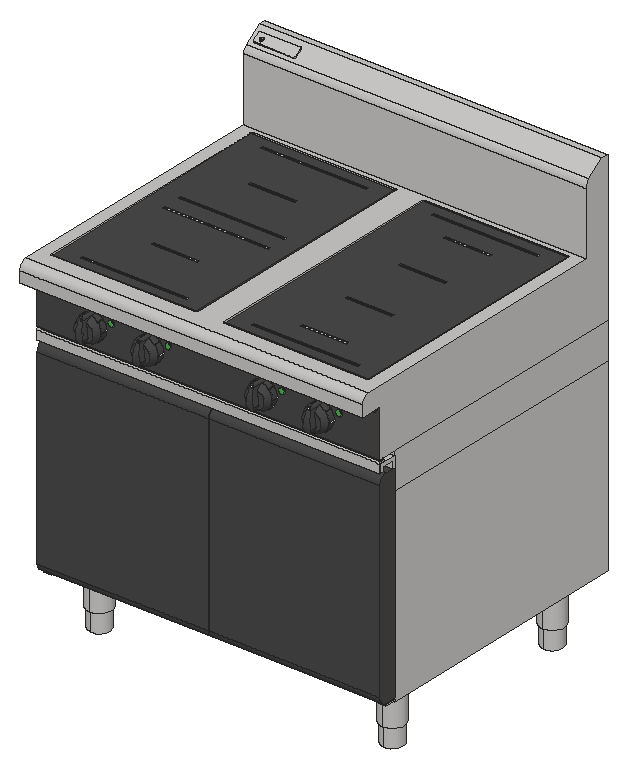
Revit family "QF_Moffat_INB8400R5F-CD_Induction_Cooktop_cat", category Specialty Equipment, Revit 2019 (continued)
Definition of nested family "QF_LOGO_Waldorf"
  Lines and regions (mm)
    Split face 1
      outline origin (0, -1.881, 2.589) x (1, 0, 0) y (0, 0.809017, 0.587785)
        loop
          spline (30.894, 12.287) -> (31.018, 11.719) -> (31.142, 11.155) -> (31.266, 10.594) -> (31.39, 10.038) -> (31.514, 9.485) -> (31.638, 8.936) -> (31.762, 8.391) -> (31.885, 7.85) -> (32.009, 7.313) -> (32.133, 6.78) -> (32.256, 6.252) -> (32.379, 5.728)
          line (32.379, 5.728) -> (36.51, 5.728)
          spline (36.51, 5.728) -> (36.766, 6.605) -> (37.023, 7.495) -> (37.28, 8.396) -> (37.538, 9.308) -> (37.795, 10.232) -> (38.053, 11.166) -> (38.311, 12.11) -> (38.569, 13.065) -> (38.826, 14.028) -> (39.083, 15.002) -> (39.34, 15.984) -> (39.597, 16.975)
          line (39.597, 16.975) -> (35.637, 16.975)
          spline (35.637, 16.975) -> (35.523, 16.334) -> (35.41, 15.697) -> (35.296, 15.063) -> (35.182, 14.433) -> (35.068, 13.807) -> (34.954, 13.185) -> (34.84, 12.566) -> (34.726, 11.952) -> (34.612, 11.342) -> (34.497, 10.737) -> (34.383, 10.135) -> (34.269, 9.538)
          spline (34.269, 9.538) -> (34.138, 10.135) -> (34.008, 10.737) -> (33.877, 11.342) -> (33.746, 11.952) -> (33.616, 12.566) -> (33.485, 13.185) -> (33.354, 13.807) -> (33.224, 14.433) -> (33.093, 15.063) -> (32.963, 15.697) -> (32.833, 16.334) -> (32.703, 16.975)
          line (32.703, 16.975) -> (29.247, 16.975)
          spline (29.247, 16.975) -> (29.111, 16.334) -> (28.974, 15.697) -> (28.837, 15.063) -> (28.7, 14.433) -> (28.562, 13.807) -> (28.425, 13.185) -> (28.288, 12.566) -> (28.15, 11.952) -> (28.013, 11.342) -> (27.875, 10.737) -> (27.738, 10.135) -> (27.6, 9.538)
          spline (27.6, 9.538) -> (27.483, 10.135) -> (27.366, 10.737) -> (27.249, 11.342) -> (27.132, 11.952) -> (27.015, 12.566) -> (26.897, 13.185) -> (26.78, 13.807) -> (26.663, 14.433) -> (26.546, 15.063) -> (26.43, 15.697) -> (26.313, 16.334) -> (26.196, 16.975)
          line (26.196, 16.975) -> (22.129, 16.975)
    Split face 2
      outline origin (0, -1.881, 2.589) x (1, 0, 0) y (0, 0.809017, 0.587785)
        loop
          line (51.449, 5.728) -> (51.035, 6.606) -> (51.035, 11.169)
          spline (51.035, 11.169) -> (50.686, 12.42) -> (50.176, 13.224) -> (49.51, 13.708) -> (48.693, 13.995) -> (47.747, 14.152) -> (46.698, 14.207) -> (45.579, 14.186) -> (44.419, 14.114) -> (43.279, 13.929) -> (42.249, 13.481) -> (41.424, 12.614) -> (40.897, 11.169)
          line (40.897, 11.169) -> (44.617, 11.169) -> (44.988, 11.965)
          spline (44.988, 11.965) -> (47.294, 11.682) -> (46.856, 10.932) -> (45.527, 10.609) -> (43.858, 10.439) -> (42.259, 10.123) -> (41.078, 9.417) -> (40.563, 8.246) -> (40.689, 6.989) -> (41.407, 6.052) -> (42.774, 5.536) -> (44.847, 5.497) -> (47.306, 6.602)
          line (47.306, 6.602) -> (47.624, 5.728) -> (51.449, 5.728)
    Split face 3
      outline origin (0, -1.881, 2.589) x (1, 0, 0) y (0, 0.809017, 0.587785)
        loop
          line (47.264, 9.264) -> (44.938, 8.597)
          spline (44.938, 8.597) -> (44.508, 8.228) -> (44.402, 7.9) -> (44.548, 7.626) -> (44.877, 7.42) -> (45.317, 7.295) -> (45.797, 7.265) -> (46.252, 7.342) -> (46.65, 7.525) -> (46.971, 7.813) -> (47.194, 8.201) -> (47.298, 8.685) -> (47.264, 9.264)
    Split face 4
      outline origin (0, -1.881, 2.589) x (1, 0, 0) y (0, 0.809017, 0.587785)
        loop
          line (53.33, 16.975) -> (53.33, 5.728) -> (57.173, 5.728) -> (57.173, 16.975) -> (53.33, 16.975)
    Split face 5
      outline origin (0, -1.881, 2.589) x (1, 0, 0) y (0, 0.809017, 0.587785)
        loop
          line (65.795, 16.975) -> (65.795, 12.976)
          spline (65.795, 12.976) -> (63.839, 14.082) -> (62.087, 14.096) -> (60.633, 13.343) -> (59.574, 12.148) -> (58.99, 10.806) -> (58.867, 9.452) -> (59.156, 8.159) -> (59.81, 7) -> (60.786, 6.056) -> (62.111, 5.514) -> (63.868, 5.634) -> (66.137, 6.679)
          line (66.137, 6.679) -> (66.137, 5.728) -> (69.511, 5.728) -> (69.511, 16.975) -> (65.795, 16.975)
    Split face 6
      outline origin (0, -1.881, 2.589) x (1, 0, 0) y (0, 0.809017, 0.587785)
        loop
          spline (64.273, 7.499) -> (64.754, 7.57) -> (65.202, 7.777) -> (65.587, 8.106) -> (65.882, 8.535) -> (66.067, 9.034) -> (66.131, 9.57) -> (66.067, 10.106) -> (65.882, 10.605) -> (65.587, 11.034) -> (65.202, 11.363) -> (64.754, 11.57) -> (64.273, 11.64)
          spline (64.273, 11.64) -> (63.793, 11.57) -> (63.345, 11.363) -> (62.96, 11.034) -> (62.665, 10.605) -> (62.479, 10.106) -> (62.416, 9.57) -> (62.479, 9.034) -> (62.665, 8.535) -> (62.96, 8.106) -> (63.345, 7.777) -> (63.793, 7.57) -> (64.273, 7.499)
    Split face 7
      outline origin (0, -1.881, 2.589) x (1, 0, 0) y (0, 0.809017, 0.587785)
        loop
          spline (76.449, 5.305) -> (77.855, 5.457) -> (79.166, 5.901) -> (80.291, 6.607) -> (81.155, 7.527) -> (81.698, 8.599) -> (81.883, 9.749) -> (81.698, 10.899) -> (81.155, 11.97) -> (80.291, 12.891) -> (79.166, 13.597) -> (77.855, 14.041) -> (76.449, 14.192)
          spline (76.449, 14.192) -> (75.042, 14.041) -> (73.731, 13.597) -> (72.606, 12.891) -> (71.742, 11.97) -> (71.199, 10.899) -> (71.014, 9.749) -> (71.199, 8.599) -> (71.742, 7.527) -> (72.606, 6.607) -> (73.731, 5.901) -> (75.042, 5.457) -> (76.449, 5.305)
    Split face 8
      outline origin (0, -1.881, 2.589) x (1, 0, 0) y (0, 0.809017, 0.587785)
        loop
          spline (76.449, 7.654) -> (76.841, 7.725) -> (77.206, 7.934) -> (77.52, 8.267) -> (77.76, 8.701) -> (77.912, 9.206) -> (77.963, 9.749) -> (77.912, 10.291) -> (77.76, 10.796) -> (77.52, 11.23) -> (77.206, 11.563) -> (76.841, 11.772) -> (76.449, 11.843)
          spline (76.449, 11.843) -> (76.057, 11.772) -> (75.691, 11.563) -> (75.378, 11.23) -> (75.137, 10.796) -> (74.986, 10.291) -> (74.934, 9.749) -> (74.986, 9.206) -> (75.137, 8.701) -> (75.378, 8.267) -> (75.691, 7.934) -> (76.057, 7.725) -> (76.449, 7.654)
    Split face 9
      outline origin (0, -1.881, 2.589) x (1, 0, 0) y (0, 0.809017, 0.587785)
        loop
          line (86.998, 12.335) -> (86.998, 13.879) -> (83.479, 13.879) -> (83.479, 5.728) -> (87.312, 5.728) -> (87.312, 8.975)
          spline (87.312, 8.975) -> (87.364, 9.356) -> (87.458, 9.686) -> (87.594, 9.968) -> (87.769, 10.204) -> (87.982, 10.398) -> (88.229, 10.55) -> (88.509, 10.666) -> (88.82, 10.746) -> (89.16, 10.794) -> (89.525, 10.812) -> (89.915, 10.803) -> (90.327, 10.77)
          line (90.327, 10.77) -> (90.327, 14.113)
          spline (90.327, 14.113) -> (89.929, 14.127) -> (89.552, 14.111) -> (89.197, 14.066) -> (88.865, 13.991) -> (88.554, 13.887) -> (88.266, 13.754) -> (87.999, 13.591) -> (87.755, 13.399) -> (87.532, 13.177) -> (87.332, 12.926) -> (87.154, 12.645) -> (86.998, 12.335)
    Split face 10
      outline origin (0, -1.881, 2.589) x (1, 0, 0) y (0, 0.809017, 0.587785)
        loop
          line (92.082, 13.879) -> (90.894, 13.879) -> (90.894, 11.972) -> (92.082, 11.972) -> (92.082, 5.728) -> (95.871, 5.728) -> (95.871, 11.972) -> (97.5, 11.972) -> (97.5, 13.879) -> (95.871, 13.879)
          spline (95.871, 13.879) -> (95.843, 14.088) -> (95.845, 14.278) -> (95.877, 14.447) -> (95.939, 14.596) -> (96.03, 14.726) -> (96.151, 14.835) -> (96.301, 14.925) -> (96.482, 14.995) -> (96.692, 15.045) -> (96.931, 15.075) -> (97.201, 15.085) -> (97.5, 15.076)
          line (97.5, 15.076) -> (97.5, 17.266) -> (95.367, 17.266)
          spline (95.367, 17.266) -> (94.982, 17.253) -> (94.58, 17.21) -> (94.174, 17.132) -> (93.774, 17.013) -> (93.39, 16.846) -> (93.034, 16.627) -> (92.717, 16.349) -> (92.448, 16.007) -> (92.24, 15.595) -> (92.102, 15.106) -> (92.046, 14.537) -> (92.082, 13.879)
  Dimensions and locks
    equal spacing: plane 3 "LEFT", plane 7 "Center Y", plane 4 "RIGHT"
    "Length": plane 3 "LEFT" to plane 4 "RIGHT"
    equal spacing: plane 5 "FRONT", plane 8 "Center X", plane 1 "BACK"
    "Depth": plane 5 "FRONT" to plane 1 "BACK"
    "Height": plane 6 "TOP" to level
    plane 4 "RIGHT" to plane 3 "LEFT" = 138 mm
    aligned and locked: level to plane 2
  Automatic sketch dimensions
    Extrusion 1 sketch curve to plane 3 "LEFT" = 0 mm
    plane 3 "LEFT" to Extrusion 1 sketch curve = 4 mm  (x2)
    Extrusion 1 sketch curve to Extrusion 1 sketch curve = 10.75 mm
    Extrusion 1 sketch curve to Extrusion 1 sketch curve = 0.5 mm
    plane 4 "RIGHT" to Extrusion 1 sketch curve = 33 mm
    Extrusion 1 sketch curve to Extrusion 1 sketch curve = 0 mm  (x3)
    Extrusion 1 sketch curve to Extrusion 1 sketch curve = 4 mm
    Extrusion 1 sketch curve to Extrusion 1 sketch curve = 3.464 mm  (x3)
    Extrusion 1 sketch curve to Extrusion 1 sketch curve = 3.541 mm
    Extrusion 1 sketch curve to Extrusion 1 sketch curve = 4.325 mm
    Extrusion 1 sketch curve to Extrusion 1 sketch curve = 19.783 mm
    Extrusion 1 sketch curve to Extrusion 1 sketch curve = 7.592 mm
    plane 3 "LEFT" to Extrusion 2 sketch curve = 15.25 mm
    Extrusion 2 sketch curve to Extrusion 2 sketch curve = 4.325 mm
    plane 3 "LEFT" to Extrusion 3 sketch curve = 14.75 mm
    Extrusion 3 sketch curve to Extrusion 3 sketch curve = 4.325 mm
    Extrusion 1 to Split face 1 sketch curve = 6.879 mm
    Split face 1 sketch curve to Extrusion 1 = 5.728 mm
    Split face 1 sketch curve to Split face 1 sketch curve = 3.132 mm
    Split face 1 sketch curve to Split face 1 sketch curve = 4.068 mm
    Split face 1 sketch curve to Split face 1 sketch curve = 3.051 mm
    Split face 1 sketch curve to Split face 1 sketch curve = 4.203 mm
    Split face 1 sketch curve to Split face 1 sketch curve = 2.916 mm
    Split face 1 sketch curve to Split face 1 sketch curve = 3.456 mm
    Split face 1 sketch curve to Split face 1 sketch curve = 2.934 mm
    Split face 1 sketch curve to Split face 1 sketch curve = 4.131 mm
    Split face 1 sketch curve to Split face 1 sketch curve = 3.96 mm
    Split face 1 sketch curve to Split face 1 sketch curve = 0 mm  (x2)
    Split face 1 sketch curve to Extrusion 1 = 9.736 mm  (x2)
    Extrusion 1 to Split face 1 sketch curve = 6.337 mm
    Extrusion 1 to Split face 1 sketch curve = 6.231 mm
    Extrusion 1 to Split face 1 sketch curve = 3.184 mm
    Extrusion 1 to Split face 1 sketch curve = 13.135 mm
    Split face 1 sketch curve to Split face 1 sketch curve = 4.652 mm
    Split face 1 sketch curve to Split face 1 sketch curve = 3.593 mm
    Split face 1 sketch curve to Split face 1 sketch curve = 1.863 mm
    Split face 1 sketch curve to Split face 1 sketch curve = 0.713 mm
    Split face 1 sketch curve to Split face 1 sketch curve = 2.684 mm
    Split face 1 sketch curve to Split face 1 sketch curve = 3.294 mm
    Split face 1 sketch curve to Split face 1 sketch curve = 0.459 mm
    Split face 1 sketch curve to Split face 1 sketch curve = 2.775 mm
    Split face 1 sketch curve to Split face 1 sketch curve = 1.89 mm
    Split face 1 sketch curve to Split face 1 sketch curve = 0.685 mm
    Split face 1 sketch curve to Split face 1 sketch curve = 9.486 mm
    Split face 1 sketch curve to Split face 1 sketch curve = 16.213 mm
    Split face 1 sketch curve to Split face 1 sketch curve = 3.48 mm
    Split face 1 sketch curve to Split face 1 sketch curve = 4.918 mm
    Split face 1 sketch curve to Split face 1 sketch curve = 7.609 mm
    Split face 1 sketch curve to Split face 1 sketch curve = 0.01 mm  (x2)
    Split face 1 sketch curve to Split face 1 sketch curve = 0.002 mm
    Split face 2 sketch curve to Extrusion 1 = 11.169 mm
    Extrusion 1 to Split face 2 sketch curve = 25.647 mm
    Split face 2 sketch curve to Split face 2 sketch curve = 3.72 mm
    Split face 2 sketch curve to Extrusion 1 = 11.965 mm
    Split face 2 sketch curve to Split face 2 sketch curve = 0.371 mm
    Split face 2 sketch curve to Extrusion 1 = 6.602 mm
    Split face 2 sketch curve to Split face 2 sketch curve = 2.689 mm
    Split face 2 sketch curve to Split face 2 sketch curve = 0.318 mm
    Split face 2 sketch curve to Split face 2 sketch curve = 3.729 mm
    Split face 2 sketch curve to Split face 2 sketch curve = 0.414 mm
    Split face 2 sketch curve to Split face 2 sketch curve = 0.875 mm
    Split face 2 sketch curve to Split face 2 sketch curve = 0.878 mm
    Split face 3 sketch curve to Extrusion 1 = 8.597 mm
    Extrusion 1 to Split face 3 sketch curve = 29.688 mm
    Split face 3 sketch curve to Extrusion 1 = 9.264 mm
    Split face 3 sketch curve to Split face 3 sketch curve = 2.326 mm
    Split face 4 sketch curve to Extrusion 1 = 5.728 mm
    Extrusion 1 to Split face 4 sketch curve = 38.08 mm
    Split face 4 sketch curve to Split face 4 sketch curve = 3.843 mm
    Split face 4 sketch curve to Extrusion 1 = 9.736 mm
    Split face 5 sketch curve to Extrusion 1 = 9.736 mm
    Split face 5 sketch curve to Extrusion 1 = 43.205 mm
    Split face 5 sketch curve to Extrusion 1 = 6.679 mm
    Split face 5 sketch curve to Split face 5 sketch curve = 0.342 mm
    Split face 5 sketch curve to Split face 5 sketch curve = 3.375 mm
    Split face 5 sketch curve to Split face 5 sketch curve = 0.952 mm
    Split face 5 sketch curve to Split face 5 sketch curve = 3.998 mm
    Split face 6 sketch curve to Extrusion 1 = 7.499 mm
    Split face 6 sketch curve to Extrusion 1 = 44.727 mm
    Split face 6 sketch curve to Split face 6 sketch curve = 2.07 mm
    Split face 7 sketch curve to Extrusion 1 = 5.305 mm
    Split face 7 sketch curve to Extrusion 1 = 32.551 mm
    Split face 7 sketch curve to Split face 7 sketch curve = 4.443 mm
    Split face 8 sketch curve to Extrusion 1 = 7.654 mm
    Split face 8 sketch curve to Extrusion 1 = 32.551 mm
    Split face 8 sketch curve to Split face 8 sketch curve = 2.095 mm
    Split face 9 sketch curve to Extrusion 1 = 5.728 mm
    Split face 9 sketch curve to Extrusion 1 = 25.521 mm
    Split face 9 sketch curve to Split face 9 sketch curve = 3.519 mm
    Split face 9 sketch curve to Split face 9 sketch curve = 0.315 mm
    Split face 9 sketch curve to Split face 9 sketch curve = 3.33 mm
    Split face 9 sketch curve to Split face 9 sketch curve = 3.248 mm
    Split face 9 sketch curve to Split face 9 sketch curve = 1.795 mm
    Split face 9 sketch curve to Split face 9 sketch curve = 3.36 mm
    Split face 9 sketch curve to Split face 9 sketch curve = 1.545 mm
    Split face 9 sketch curve to Split face 9 sketch curve = 0.233 mm
    Split face 10 sketch curve to Extrusion 1 = 18.106 mm
    Split face 10 sketch curve to Split face 10 sketch curve = 1.188 mm  (x2)
    Split face 10 sketch curve to Split face 10 sketch curve = 3.285 mm
    Split face 10 sketch curve to Split face 10 sketch curve = 3.789 mm
    Split face 10 sketch curve to Split face 10 sketch curve = 0 mm  (x2)
    Split face 10 sketch curve to Split face 10 sketch curve = 1.629 mm
    Split face 10 sketch curve to Split face 10 sketch curve = 2.133 mm
    Split face 10 sketch curve to Extrusion 1 = 5.728 mm
    Split face 10 sketch curve to Split face 10 sketch curve = 6.245 mm
    Split face 10 sketch curve to Split face 10 sketch curve = 1.907 mm  (x2)
    Split face 10 sketch curve to Split face 10 sketch curve = 1.197 mm
    Split face 10 sketch curve to Split face 10 sketch curve = 2.19 mm
Definition of nested family "Knob"
  Parameters (values of type "Knob")
    Weight in Pounds = 0
    URL Cutsheet = ""
    Specification by User = ""
    Specification by Manufacturer = ""
    Serial Number = ""
    Seismic Rating = ""
    SMACNA No = ""
    Revision Code = ""
    NAFEM Spec ID Number = ""
    Masterspec = ""
    Length = 65 mm
    Item Number = ""
    Installed By = ""
    Identify Quantity as Lot = yes
    Height = 69.5 mm
    Furnished By = ""
    Foodservice Equipment Identifier = yes
    Depth = 59 mm
    CSI MasterFormat = ""
  Reference planes
    plane 1 "BACK": y = 0
    plane 2: z = 0
    plane 3 "LEFT": x = 0
    plane 4 "RIGHT": x = 65
    plane 5 "FRONT": y = -59
    plane 6 "TOP": z = 69.5
    plane 7 "Center Y": x = 32.5
    plane 8 "Center X": y = -29.5
  Forms (mm)
    Revolve 1, solid
      sketch origin (32.5, 175.397, 1219.2) x (0, 1, 0) y (0, 0, 1)
        loop
          line (-175.397, -1186.7) -> (-219.397, -1186.7) -> (-219.397, -1211.501) -> (-202.106, -1219.2) -> (-185.397, -1219.2) -> (-185.397, -1191.7) -> (-175.397, -1191.7) -> (-175.397, -1186.7)
        axis (-219.397, -1186.7) -> (-175.397, -1186.7)
      angle from 0 to 360
    Extrusion 2, solid
      sketch origin (32.5, 175.397, 1219.2) x (0, 1, 0) y (0, 0, 1)
        loop
          line (-202.106, -1154.2) -> (-185.397, -1154.2) -> (-185.397, -1149.7) -> (-224.105, -1149.7)
          arc (-224.105, -1149.7) -> (-233.965, -1178.467) -> (-230.696, -1208.7) r 70
          line (-230.696, -1208.7) -> (-219.397, -1208.7) -> (-219.397, -1161.899) -> (-202.106, -1154.2)
      from -15 to 15
    Extrusion 3, void
      sketch origin (0, 0, 0) x (1, 0, 0) y (0, 0, 1)
        loop
          line (27.501, 64.613) -> (22.02, 20.585)
          arc (22.02, 20.585) -> (32.792, 10.488) -> (42.986, 21.169) r 10.487
          line (42.986, 21.169) -> (37.499, 64.613)
          arc (37.499, 64.613) -> (32.5, 69.5) -> (27.501, 64.613) r 5
        loop
          line (10, 72.977) -> (10, 5.625) -> (55, 5.625) -> (55, 72.977) -> (10, 72.977)
      from 6.142 to 69.687
    Extrusion 4, solid
      sketch origin (0, -34.115, -16.916) x (1, 0, 0) y (0, 0.45399, 0.891007)
        loop
          circle (32.497, 65) r 2
      from 51.525 to 53.075
    Extrusion 5, solid
      sketch origin (32.5, -10, 32.5) x (0, 0, -1) y (-1, 0, 0)
        loop
          line (-23.54, -22.408) -> (-24.106, -22.974)
          arc (-24.106, -22.974) -> (-23.547, -23.547) -> (-22.974, -24.106) r 33.3
          line (-22.974, -24.106) -> (-22.408, -23.54)
          arc (-22.408, -23.54) -> (-22.981, -22.981) -> (-23.54, -22.408) r 32.5
        loop
          arc (-0.8, -33.29) -> (0, -33.3) -> (0.8, -33.29) r 33.3
          line (0.8, -33.29) -> (0.8, -32.49)
          arc (0.8, -32.49) -> (0, -32.5) -> (-0.8, -32.49) r 32.5
          line (-0.8, -32.49) -> (-0.8, -33.29)
        loop
          arc (23.54, -22.408) -> (22.981, -22.981) -> (22.408, -23.54) r 32.5
          line (22.408, -23.54) -> (22.974, -24.106)
          arc (22.974, -24.106) -> (23.547, -23.547) -> (24.106, -22.974) r 33.3
          line (24.106, -22.974) -> (23.54, -22.408)
        loop
          arc (-23.54, 22.408) -> (-22.981, 22.981) -> (-22.408, 23.54) r 32.5
          line (-22.408, 23.54) -> (-22.974, 24.106)
          arc (-22.974, 24.106) -> (-23.547, 23.547) -> (-24.106, 22.974) r 33.3
          line (-24.106, 22.974) -> (-23.54, 22.408)
        loop
          line (-0.8, 33.29) -> (-0.8, 32.49)
          arc (-0.8, 32.49) -> (0, 32.5) -> (0.8, 32.49) r 32.5
          line (0.8, 32.49) -> (0.8, 33.29)
          arc (0.8, 33.29) -> (0, 33.3) -> (-0.8, 33.29) r 33.3
        loop
          line (32.49, -0.8) -> (33.29, -0.8)
          arc (33.29, -0.8) -> (33.3, 0) -> (33.29, 0.8) r 33.3
          line (33.29, 0.8) -> (32.49, 0.8)
          arc (32.49, 0.8) -> (32.5, 0) -> (32.49, -0.8) r 32.5
        loop
          arc (24.106, 22.974) -> (23.547, 23.547) -> (22.974, 24.106) r 33.3
          line (22.974, 24.106) -> (22.408, 23.54)
          arc (22.408, 23.54) -> (22.981, 22.981) -> (23.54, 22.408) r 32.5
          line (23.54, 22.408) -> (24.106, 22.974)
      from 0 to -16.709
  Cuts and joins
    Extrusion 3 cuts Extrusion 2
  Dimensions and locks
    equal spacing: plane 3 "LEFT", plane 7 "Center Y", plane 4 "RIGHT"
    "Length": plane 3 "LEFT" to plane 4 "RIGHT"
    equal spacing: plane 5 "FRONT", plane 8 "Center X", plane 1 "BACK"
    "Depth": plane 5 "FRONT" to plane 1 "BACK"
    "Height": plane 6 "TOP" to level
    plane 4 "RIGHT" to plane 3 "LEFT" = 65 mm
    aligned and locked: level to plane 2
  Automatic sketch dimensions
    Revolve 1 sketch curve to level = 0 mm
    Revolve 1 sketch curve to plane 1 "BACK" = 0 mm  (x2)
    plane 1 "BACK" to Revolve 1 sketch curve = 10 mm
    plane 8 "Center X" to Revolve 1 sketch curve = 2.791 mm
    Revolve 1 sketch curve to plane 8 "Center X" = 14.5 mm
    level to Revolve 1 sketch curve = 7.699 mm
    level to Revolve 1 sketch curve = 27.5 mm
    Revolve 1 sketch curve to Revolve 1 sketch curve = 5 mm
    Revolve 1 sketch curve to Revolve 1 sketch curve = 35 mm
    Revolve 1 sketch curve to Revolve 1 sketch curve = 0 mm
    Extrusion 2 sketch curve to plane 6 "TOP" = 0 mm
    Extrusion 2 sketch curve to plane 5 "FRONT" = 3.702 mm
    Extrusion 2 sketch curve to plane 5 "FRONT" = 10.293 mm
    Extrusion 2 sketch curve to Extrusion 2 sketch curve = 11.298 mm
    plane 8 "Center X" to Extrusion 2 sketch curve = 2.791 mm
    plane 1 "BACK" to Extrusion 2 sketch curve = 10 mm
    Extrusion 2 sketch curve to plane 1 "BACK" = 11 mm
    Extrusion 2 sketch curve to plane 6 "TOP" = 4.5 mm
    Extrusion 2 sketch curve to plane 6 "TOP" = 12.199 mm
    level to Extrusion 2 sketch curve = 32.962 mm
    level to Extrusion 3 sketch curve = 5.625 mm
    Extrusion 3 sketch curve to plane 7 "Center Y" = 0 mm  (x2)
    Extrusion 3 sketch curve to plane 7 "Center Y" = 4.999 mm
    Extrusion 3 sketch curve to plane 7 "Center Y" = 10.48 mm
    plane 6 "TOP" to Extrusion 3 sketch curve = 3.477 mm
    plane 3 "LEFT" to Extrusion 3 sketch curve = 10 mm
    Extrusion 3 sketch curve to plane 6 "TOP" = 4.887 mm
    Extrusion 3 sketch curve to Extrusion 3 sketch curve = 4.999 mm
    plane 7 "Center Y" to Extrusion 3 sketch curve = 10.486 mm
    level to Extrusion 3 sketch curve = 20.585 mm
    Extrusion 3 sketch curve to Extrusion 3 sketch curve = 0.387 mm
    Extrusion 3 sketch curve to Extrusion 3 sketch curve = 0.113 mm
    plane 4 "RIGHT" to Extrusion 3 sketch curve = 10 mm
    Extrusion 5 sketch curve to Revolve 1 = 32.49 mm
    Revolve 1 to Extrusion 5 sketch curve = 32.49 mm
    Extrusion 5 sketch curve to Revolve 1 = 23.54 mm  (x2)
    Revolve 1 to Extrusion 5 sketch curve = 23.54 mm  (x2)
    Extrusion 5 sketch curve to Revolve 1 = 24.106 mm  (x2)
    Revolve 1 to Extrusion 5 sketch curve = 24.106 mm  (x2)
    Revolve 1 to Extrusion 5 sketch curve = 22.408 mm  (x2)
    Extrusion 5 sketch curve to Revolve 1 = 22.408 mm  (x2)
    Revolve 1 to Extrusion 5 sketch curve = 22.974 mm  (x2)
    Extrusion 5 sketch curve to Revolve 1 = 22.974 mm  (x2)
    Extrusion 5 sketch curve to Extrusion 5 sketch curve = 1.6 mm  (x2)
    Revolve 1 to Extrusion 5 sketch curve = 0.8 mm
    Extrusion 5 sketch curve to Revolve 1 = 0.8 mm
    Extrusion 4 sketch curve to plane 7 "Center Y" = 0.003 mm
    radius of Extrusion 5 sketch curve to Revolve 1 = 0 mm  (x7)
    radius of Revolve 1 to Extrusion 5 sketch curve = 0.8 mm  (x7)
    radius of Extrusion 4 sketch curve = 2 mm
Types (2, lengths in mm): name | Volts | Cycle | Apparent Power
  INB8400R5F-CD_415/60/3 | 415 V | 60 Hz | 20102.6 VA
  INB8400R5F-CD_400/50/3 | 400 V | 50 Hz | 19376 VA
